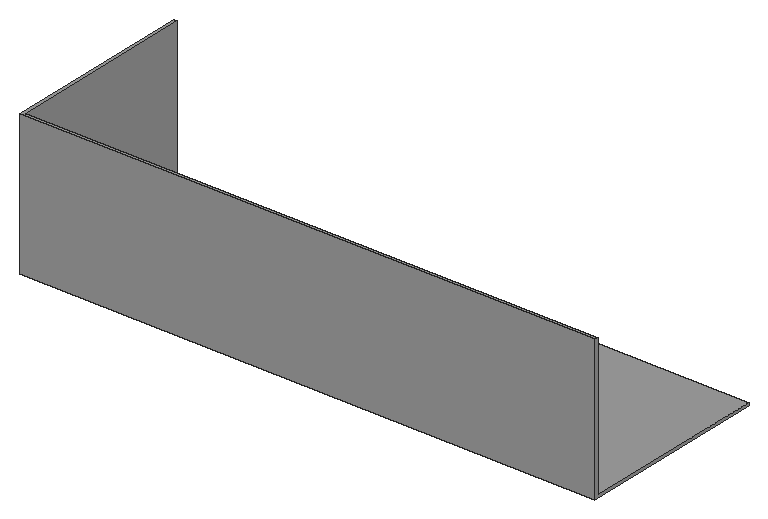
Revit family "Flashing_Preformed_Hyload_EndDam", category Generic Models, Revit 2014
Parameters (values of type "12 inch")
  Unit Width = 1' - 0"
  Unit Height = 0' - 3"
  Unit Depth = 0' - 4"
  URL = "http://www.hyload.com/"
  Thickness = 0' - 0 1/16"
  Specification = "http://www.arcat.com/sdspecs/htm04/07_65_00hyl.htm"
  Sales Information = "http://www.hyload.com/contact-us"
  Revision = "R1_12-2015"
  Product Properties = "http://www.hyload.com/masonry-flashing/preformed-shapes/"
  Product Data = "http://www.arcat.com/arcatcos/cos33/arc33176.html"
  Model = "12 in End Dam"
  Manufacturer Website = "http://www.hyload.com/"
  Manufacturer Phone - Toll Free = "800-457-4056"
  Manufacturer Phone = "330-769-3546"
  Manufacturer Fax = "330-769-4153"
  Manufacturer Address = "5020 Panther Pkwy., Seville, OH 44273"
  Manufacturer = "Hyload"
  Keynote = "07 65 00"
  Flashing Material = Hyload Flashing Membrane - Grey
  Drawn By = "Robert S. Weygant / Sumex Design"
  Description = "Preformed Hyload Masonry Flashing - 12 in End Dam"
  Copyright = "(c) ARCAT, Inc, 2015"
  Construction Details = "http://www.arcat.com/details/hyload/hyload.html?coid=33176"
  Assembly Code = "B3010400"
Types (5): name | Unit Width | Model | Description
  4 inch | 0' - 4" | "4 in End Dam" | "Preformed Hyload Masonry Flashing - 4 in End Dam"
  6 inch | 0' - 6" | "6 in End Dam" | "Preformed Hyload Masonry Flashing - 6 in End Dam"
  8 inch | 0' - 8" | "8 in End Dam" | "Preformed Hyload Masonry Flashing - 8 in End Dam"
  10 inch | 0' - 10" | "10 in End Dam" | "Preformed Hyload Masonry Flashing - 10 in End Dam"
  12 inch | 1' - 0" | "12 in End Dam" | "Preformed Hyload Masonry Flashing - 12 in End Dam"
Reference planes (in)
  plane 1 "Center (Front/Back)": y = 0
  plane 2: z = 0
  plane 3 "Center (Left/Right)": x = 0
  plane 4: y = 4
  plane 5: x = 12
  plane 6: z = 3
Forms (in)
  Extrusion 1, solid, material "Hyload Flashing Membrane - Grey" <- "Flashing Material"
    sketch origin (0, 0, 0) x (1, 0, 0) y (0, 1, 0)
      loop
        line (0, 4) -> (0, 0) -> (12, 0) -> (12, 4) -> (0, 4)
    from 0 to 0.0625 <- "Thickness"
  Extrusion 2, solid, material "Hyload Flashing Membrane - Grey" <- "Flashing Material"
    sketch origin (0, 0, 0) x (1, 0, 0) y (0, 1, 0)
      loop
        line (0, 4) -> (0, 0) -> (12, 0) -> (12, 0.0625) -> (0.0625, 0.0625) -> (0.0625, 4) -> (0, 4)
    from 0 to 3 <- "Unit Height"
Cuts and joins
  joined: Extrusion 1, Extrusion 2
Dimensions and locks (in)
  "Unit Depth": plane 1 "Center (Front/Back)" to plane 4
  "Unit Width": plane 3 "Center (Left/Right)" to plane 5
  "Unit Height": plane 6 to level
  "Thickness": plane 1 "Center (Front/Back)" to Extrusion 2 sketch curve
  "Thickness": plane 3 "Center (Left/Right)" to Extrusion 2 sketch curve
  plane 3 "Center (Left/Right)" to Extrusion 2 = 1' - 0"
  aligned and locked: plane 2 to level
  aligned and locked: Extrusion 1 sketch curve to plane 4
  aligned and locked: plane 3 "Center (Left/Right)" to Extrusion 1 sketch curve
  aligned and locked: Extrusion 1 sketch curve to plane 1 "Center (Front/Back)"
  aligned and locked: Extrusion 1 sketch curve to plane 5
  aligned and locked: plane 4 to Extrusion 2 sketch curve
  aligned and locked: Extrusion 2 sketch curve to plane 3 "Center (Left/Right)"
  aligned and locked: plane 1 "Center (Front/Back)" to Extrusion 2 sketch curve
  aligned and locked: plane 5 to Extrusion 2 sketch curve
  aligned and locked: Extrusion 2 to level
